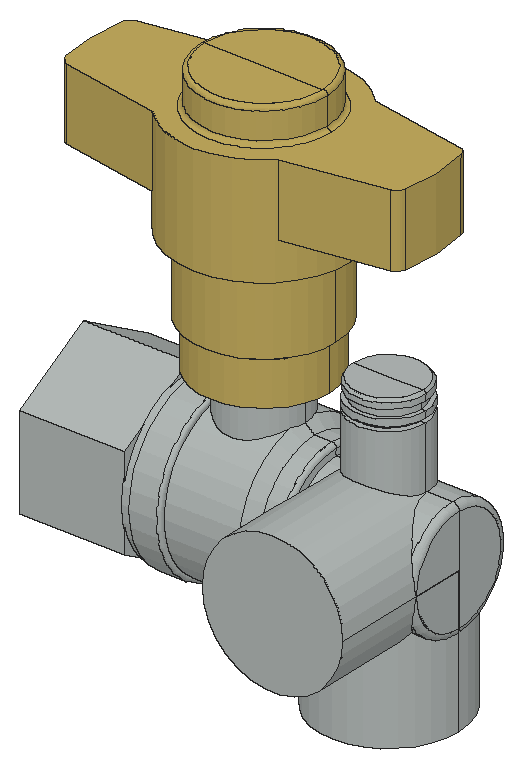
Revit family "QP01532129", category Apparecchi idraulici, Revit 2020
Family settings
  Quota connettore circolare = Usa diametro
  Tipo di parte = Normale
  Numero OmniClass = 23.45.00.00
  Titolo OmniClass = Sanitary, Laundry, and Cleaning Equipment
  Basato su piano di lavoro = No
  Sempre verticale = Sì
  Taglio con vuoti quando caricato = No
  Condiviso = No
  Punto di calcolo locali = No
Parameters
  URL = "https://web.cimberio.com/index.php/figura/918?subcategoria_id="
  Temperatura di esercizio = "-20 ÷ 60°C"
  Prospetto di default = 0 mm
  Produttore = "CIMBERIO SPA"
  Pressione nominale = "MOP 5"
  Modello = "Cim 110GLD"
  Materiale = "Prodotto in lega di ottone conforme alla norma EN 12165-CW617N-DW"
  Descrizione = "Utilizzato nell’impiantistica distributiva di gas a bassa pressione per le categorie:\r\nGas naturali: gas derivati dal petrolio (Metano) e gas di ricambio.\r\nGas di città: prodotti secondo i diversi procedimenti (Cracking - Cokerie - ecc.).\r\nGas liquidi: propano e miscele di gas propano/butano"
  DN [instance] = 20 mm
  Commenti sul tipo = "Realizzato in ottemperanza ai requisiti gestionali della norma EN ISO 9001.\r\nCollaudato al 100% secondo la normativa EN 12266-1"
Reference planes
  plane 1 "Centro (Fronte/Retro)": y = 0
  plane 2: z = 0
  plane 3 "Centro (Sinistra/Destra)": x = 0
Forms (mm)
  Revolve 1, solid, material "Cim_Lega di ottone"
    sketch origin (0, 0, 0) x (1, 0, 0) y (0, 0, 1)
      loop
        line (-17.1, 10) -> (-15.1, 10) -> (-15.1, 19) -> (-17.1, 19) -> (-17.1, 10)
      axis (-17.1, 0) -> (-15.1, 0)
    angle from 0 to 360
  Revolve 2, solid, material "Cim_Lega di ottone"
    sketch origin (0, 0, 0) x (1, 0, 0) y (0, 0, 1)
      loop
        line (-15.1, 10) -> (38.198, 10) -> (38.198, 0) -> (44.5, 0) -> (44.5, 12)
        arc (44.5, 12) -> (44.061, 13.061) -> (43, 13.5) r 1.5
        line (43, 13.5) -> (16.5, 13.5) -> (16.5, 15)
        arc (16.5, 15) -> (16.207, 15.707) -> (15.5, 16) r 1
        line (15.5, 16) -> (11.5, 16) -> (9, 18.5) -> (-8.025, 18.5)
        arc (-8.025, 18.5) -> (-8.168, 19.19) -> (-8.8, 19.5) r 0.8
        line (-8.8, 19.5) -> (-15.1, 19.5) -> (-15.1, 10)
      axis (-15.1, 0) -> (44.5, 0)
    angle from 0 to 360
  Extrusion 3, solid, material "Cim_Lega di ottone"
    sketch origin (0, 0, 0) x (1, 0, 0) y (0, 0, 1)
      loop
        circle (28.5, 0) r 16
    from 0 to 33.033
  Revolve 4, solid, material "Cim_Lega di ottone"
    sketch origin (0, 0, 0) x (1, 0, 0) y (0, 0, 1)
      loop
        line (28.5, -33) -> (44.5, -33) -> (44.5, 0) -> (28.5, 0) -> (28.5, -33)
      axis (28.5, -33) -> (28.5, 0)
    angle from 0 to 360
  Revolve 5, solid, material "Cim_Lega di ottone"
    sketch origin (0, 0, 0) x (1, 0, 0) y (0, 0, 1)
      loop
        line (28.5, 34) -> (28.5, 9.625) -> (36.998, 9.625) -> (36.998, 27.5) -> (35.6, 27.5)
        arc (35.6, 27.5) -> (35.272, 27.865) -> (34.8, 28) r 0.89
        line (34.8, 28) -> (36.358, 28) -> (36.998, 28.5) -> (36.998, 30.015) -> (35.933, 30.015) -> (35.933, 31.997) -> (36.932, 31.997) -> (36.932, 33.293) -> (36.437, 34) -> (28.5, 34)
      axis (28.5, 9.625) -> (28.5, 34)
    angle from 0 to 360
  Extrusion 6, solid, material "Cim_Lega di ottone"
    sketch origin (0, 0, 0) x (0, 1, 0) y (0, 0, 1)
      loop
        circle (0, 0) r 10
      loop
        line (0, 21) -> (-18.187, 10.5) -> (-18.187, -10.5) -> (0, -21) -> (18.187, -10.5) -> (18.187, 10.5) -> (0, 21)
    from -41 to -17.1
  Revolve 7, solid, material "Cim_Lega di ottone"
    sketch origin (0, 0, 0) x (1, 0, 0) y (0, 0, 1)
      loop
        line (0, 25.9) -> (0, 13.997) -> (9.5, 13.997) -> (9.5, 23.425)
        arc (9.5, 23.425) -> (9.789, 23.893) -> (10, 24.4) r 3.447
        line (10, 24.4) -> (10, 25.9) -> (0, 25.9)
      axis (0, 25.9) -> (0, 13.997)
    angle from 0 to 360
  Revolve 8, solid, material "Cim_Alluminio giallo"
    sketch origin (0, 0, 0) x (1, 0, 0) y (0, 0, 1)
      loop
        line (0, 87.3) -> (0, 25.9) -> (15, 25.9) -> (15, 35.9) -> (16.5, 36.766) -> (16.5, 54.3) -> (19.924, 54.3) -> (19.924, 79.3) -> (15.5, 79.3)
        arc (15.5, 79.3) -> (14.793, 79.593) -> (14.5, 80.3) r 1
        line (14.5, 80.3) -> (14.5, 86.3)
        arc (14.5, 86.3) -> (14.207, 87.007) -> (13.5, 87.3) r 1
        line (13.5, 87.3) -> (0, 87.3)
      axis (0, 87.3) -> (0, 25.9)
    angle from 0 to 360
  Extrusion 9, solid, material "Cim_Alluminio giallo"
    sketch origin (0, 0, 0) x (1, 0, 0) y (0, 1, 0)
      loop
        arc (0, 14.467) -> (-18.572, 13.309) -> (-36.856, 9.852) r 149.5
        arc (-36.856, 9.852) -> (-38.047, 9.156) -> (-38.688, 7.934) r 2.5
        arc (-38.688, 7.934) -> (-39.5, -0.033) -> (-38.688, -8.001) r 39.5
        arc (-38.688, -8.001) -> (-38.047, -9.223) -> (-36.856, -9.919) r 2.5
        arc (-36.856, -9.919) -> (-18.572, -13.375) -> (0, -14.533) r 149.5
        arc (0, -14.533) -> (18.572, -13.375) -> (36.856, -9.919) r 149.5
        arc (36.856, -9.919) -> (38.047, -9.223) -> (38.688, -8.001) r 2.5
        arc (38.688, -8.001) -> (39.5, -0.033) -> (38.688, 7.934) r 39.5
        arc (38.688, 7.934) -> (38.047, 9.156) -> (36.856, 9.852) r 2.5
        arc (36.856, 9.852) -> (18.572, 13.309) -> (0, 14.467) r 149.5
    from 62.92 to 79.3
Cuts and joins
  joined: Revolve 8, Extrusion 9
Dimensions and locks
  aligned and locked: level to plane 2
Connectors
  piping at (-41, 0, 0), diameter 20, driven by "DN"
    settings: on Extrusion 6, index 1, connector inside diameter 609.6 mm, connector length 0 mm, flow factor 0, pipe flow 0.0 L/s, pressure drop 0.0 Pa, fitting loss kfactor 0, connector angle 0.00°, fixture units 0, engagement length 0 mm, angle of deflection 0.00°, flow configuration 0, flow direction 0, fitting loss method 0, system type 7, joint type 0, gender type 0, connector reference index -1, connector utility 0, adjustable connector no, is connector primary yes, connector description ""
